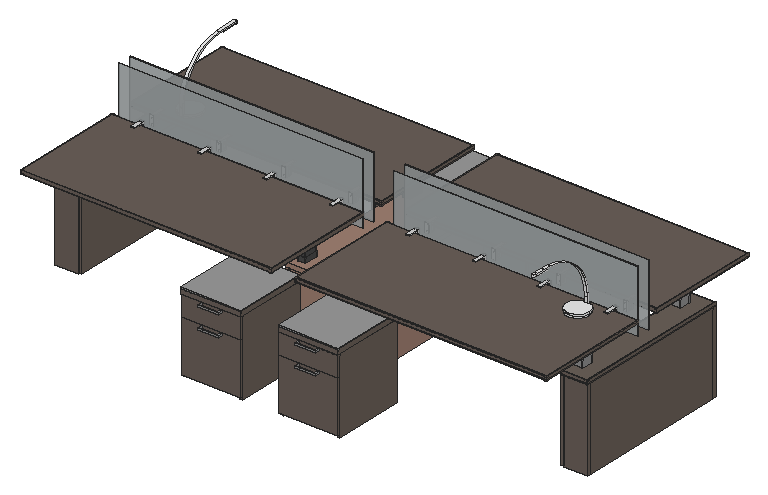
Revit family "OFS TYPICAL S200151", category Furniture, Revit 2022 (continued)
Definition of nested family "STAKS CROSS RAIL PREMIUM POWER Double Sided Three Circuit"
  Forms (in)
    Extrusion 26, solid, material <- "Duplex Receptacle Material"
      sketch origin (0, 0, -7.21633) x (-1, 0, 0) y (0, 0, -1)
        loop
          line (-5.67511, -25.16461) -> (-7.10692, -25.16461)
          arc (-7.10692, -25.16461) -> (-6.95294, -26.10211) -> (-7.10692, -27.03961) r 2.93108
          line (-7.10692, -27.03961) -> (-5.67511, -27.03961)
      from -0.21875 to 0.21875
    Extrusion 27, solid, material <- "Metal Conduit Material"
      sketch origin (0, 0, -7.21633) x (0, 1, 0) y (0, 0, 1)
        loop
          spline (0, 25.62489) -> (0.05662, 25.64115) -> (0.10938, 25.68882) -> (0.15468, 25.76466) -> (0.18944, 25.8635) -> (0.2113, 25.97859) -> (0.21875, 26.10211) -> (0.2113, 26.22562) -> (0.18944, 26.34072) -> (0.15468, 26.43955) -> (0.10938, 26.51539) -> (0.05662, 26.56307) -> (0, 26.57933)
          spline (0, 26.57933) -> (-0.05662, 26.56307) -> (-0.10937, 26.51539) -> (-0.15468, 26.43955) -> (-0.18944, 26.34072) -> (-0.2113, 26.22562) -> (-0.21875, 26.10211) -> (-0.2113, 25.97859) -> (-0.18944, 25.8635) -> (-0.15468, 25.76466) -> (-0.10937, 25.68882) -> (-0.05662, 25.64115) -> (0, 25.62489)
      from -4.74522 to 4.74522
    Extrusion 28, solid, material <- "Bracket Material"
      sketch origin (-50.50488, -2.60899, -4) x (-1, 0, 0) y (0, -1, 0)
        loop
          line (-41.45406, -1.76899) -> (-41.56407, -1.76899)
          arc (-41.56407, -1.76899) -> (-41.69842, -1.82464) -> (-41.75407, -1.95899) r 0.19
          line (-41.75407, -1.95899) -> (-41.75407, -3.25899)
          arc (-41.75407, -3.25899) -> (-41.69842, -3.39334) -> (-41.56407, -3.44899) r 0.19
          line (-41.56407, -3.44899) -> (-41.45406, -3.44899) -> (-41.45406, -1.76899)
      from 23.79535 to 23.89535
    Extrusion 29, solid, material <- "Bracket Material"
      sketch origin (3.51075, -2.60899, -4) x (1, 0, 0) y (0, 1, 0)
        loop
          line (-15.45406, 1.76899) -> (-15.45406, 3.44899) -> (-15.56407, 3.44899)
          arc (-15.56407, 3.44899) -> (-15.69842, 3.39334) -> (-15.75407, 3.25899) r 0.19
          line (-15.75407, 3.25899) -> (-15.75407, 1.95899)
          arc (-15.75407, 1.95899) -> (-15.69842, 1.82464) -> (-15.56407, 1.76899) r 0.19
          line (-15.56407, 1.76899) -> (-15.45406, 1.76899)
      from 23.79535 to 23.89535
    Extrusion 30, void
      sketch origin (-50.49707, 0.175, -4) x (-1, 0, 0) y (0, -1, 0)
        loop
          line (-40.53389, 0) -> (-39.4687, 0)
          arc (-39.4687, 0) -> (-39.38031, 0.03661) -> (-39.3437, 0.125) r 0.125
          line (-39.3437, 0.125) -> (-39.3437, 0.82853) -> (-40.65889, 0.82853) -> (-40.65889, 0.125)
          arc (-40.65889, 0.125) -> (-40.62228, 0.03661) -> (-40.53389, 0) r 0.125
      from 24.43427 to 24.79317
    Extrusion 31, solid, material <- "Bracket Material"
      sketch origin (39.50552, 0, -4) x (0, 1, 0) y (0, 0, -1)
        loop
          line (0.05, -24.13481) -> (-0.05, -24.13481) -> (-0.05, -24.44535)
          arc (-0.05, -24.44535) -> (0.0159, -24.60445) -> (0.175, -24.67035) r 0.225
          line (0.175, -24.67035) -> (0.175, -24.57035)
          arc (0.175, -24.57035) -> (0.08661, -24.53374) -> (0.05, -24.44535) r 0.125
          line (0.05, -24.44535) -> (0.05, -24.13481)
      from 49.4687 to 50.53389
    Extrusion 32, solid, material <- "Bracket Material"
      sketch origin (50.50488, -2.60899, -4) x (1, 0, 0) y (0, 1, 0)
        loop
          line (-41.45406, 1.76899) -> (-41.45406, 3.44899) -> (-41.56407, 3.44899)
          arc (-41.56407, 3.44899) -> (-41.69842, 3.39334) -> (-41.75407, 3.25899) r 0.19
          line (-41.75407, 3.25899) -> (-41.75407, 1.95899)
          arc (-41.75407, 1.95899) -> (-41.69842, 1.82464) -> (-41.56407, 1.76899) r 0.19
          line (-41.56407, 1.76899) -> (-41.45406, 1.76899)
      from 23.79535 to 23.89535
    Extrusion 33, solid, material <- "Bracket Material"
      sketch origin (-3.51075, -2.60899, -4) x (-1, 0, 0) y (0, -1, 0)
        loop
          line (-15.45406, -1.76899) -> (-15.56407, -1.76899)
          arc (-15.56407, -1.76899) -> (-15.69842, -1.82464) -> (-15.75407, -1.95899) r 0.19
          line (-15.75407, -1.95899) -> (-15.75407, -3.25899)
          arc (-15.75407, -3.25899) -> (-15.69842, -3.39334) -> (-15.56407, -3.44899) r 0.19
          line (-15.56407, -3.44899) -> (-15.45406, -3.44899) -> (-15.45406, -1.76899)
      from 23.79535 to 23.89535
    Extrusion 34, void
      sketch origin (50.49707, 0.175, -4) x (1, 0, 0) y (0, 1, 0)
        loop
          arc (-40.53389, 0) -> (-40.62228, -0.03661) -> (-40.65889, -0.125) r 0.125
          line (-40.65889, -0.125) -> (-40.65889, -0.82853) -> (-39.3437, -0.82853) -> (-39.3437, -0.125)
          arc (-39.3437, -0.125) -> (-39.38031, -0.03661) -> (-39.4687, 0) r 0.125
          line (-39.4687, 0) -> (-40.53389, 0)
      from 24.43427 to 24.79317
    Extrusion 35, solid, material <- "Bracket Material"
      sketch origin (-39.50552, 0, -4) x (0, 1, 0) y (0, 0, 1)
        loop
          line (0.05, 24.13481) -> (0.05, 24.44535)
          arc (0.05, 24.44535) -> (0.08661, 24.53374) -> (0.175, 24.57035) r 0.125
          line (0.175, 24.57035) -> (0.175, 24.67035)
          arc (0.175, 24.67035) -> (0.0159, 24.60445) -> (-0.05, 24.44535) r 0.225
          line (-0.05, 24.44535) -> (-0.05, 24.13481) -> (0.05, 24.13481)
      from 49.4687 to 50.53389
    Extrusion 36, solid, material <- "Surface Material"
      sketch origin (0, 0, 0) x (1, 0, 0) y (0, 1, 0)
        loop
          line (-21.08661, 3) -> (-21.08661, -3) -> (21.08661, -3) -> (21.08661, 3) -> (-21.08661, 3)
      from 21.75 to 22.5
    Extrusion 37, solid, material <- "Bracket Material"
      sketch origin (0, 0, 0) x (0, 1, 0) y (0, 0, 1)
        loop
          line (0.79792, 20.75) -> (0.67292, 20.75) -> (0.67292, 18.36398) -> (-0.67292, 18.36398) -> (-0.67292, 20.75) -> (-0.79792, 20.75) -> (-0.79792, 18.23898) -> (0.79792, 18.23898) -> (0.79792, 20.75)
      from -0.5 to 0.5
    Extrusion 38, solid, material <- "Surface Material"
      sketch origin (0, 0, 0) x (0, 1, 0) y (0, 0, 1)
        loop
          line (2, 20.75) -> (2, 21.67035) -> (1.75, 21.67035) -> (1.75, 21.75) -> (-1.75, 21.75) -> (-1.75, 21.67035) -> (-2, 21.67035) -> (-2, 20.75) -> (2, 20.75)
      from -24 to 24
    Extrusion 39, solid, material <- "Power Block Casing Material"
      sketch origin (0, 0, -4.92035) x (0, 1, 0) y (0, 0, 1)
        loop
          arc (1, 25.61295) -> (0.93823, 25.67472) -> (0.87646, 25.61295) r 0.06177
          line (0.87646, 25.61295) -> (0.87646, 25.28492) -> (0.9402, 25.28492) -> (0.9402, 22.49327) -> (0.87646, 22.49327) -> (0.87646, 22.16134)
          arc (0.87646, 22.16134) -> (0.93823, 22.09957) -> (1, 22.16134) r 0.06177
          line (1, 22.16134) -> (1, 25.61295)
        loop
          line (-1, 25.59342) -> (-1, 22.16134)
          arc (-1, 22.16134) -> (-0.93823, 22.09957) -> (-0.87646, 22.16134) r 0.06177
          line (-0.87646, 22.16134) -> (-0.87646, 22.49327) -> (-0.9402, 22.49327) -> (-0.9402, 25.28492) -> (-0.87646, 25.28492) -> (-0.87646, 25.59342)
          arc (-0.87646, 25.59342) -> (-0.93823, 25.65518) -> (-1, 25.59342) r 0.06177
      from -18.08898 to 18.08898
    Extrusion 40, void
      sketch origin (0, 0, 0) x (1, 0, 0) y (0, 0, 1)
        loop
          arc (-11.99767, 19.66716) -> (-12.08606, 19.63055) -> (-12.12267, 19.54216) r 0.125
          line (-12.12267, 19.54216) -> (-12.12267, 18.2311)
          arc (-12.12267, 18.2311) -> (-12.08606, 18.14271) -> (-11.99767, 18.1061) r 0.125
          line (-11.99767, 18.1061) -> (-8.99767, 18.1061)
          arc (-8.99767, 18.1061) -> (-8.90929, 18.14271) -> (-8.87267, 18.2311) r 0.125
          line (-8.87267, 18.2311) -> (-8.87267, 19.54216)
          arc (-8.87267, 19.54216) -> (-8.90929, 19.63055) -> (-8.99767, 19.66716) r 0.125
          line (-8.99767, 19.66716) -> (-11.99767, 19.66716)
      from -2 to 2
    Extrusion 41, void
      sketch origin (0, 0, 0) x (-1, 0, 0) y (0, 0, -1)
        loop
          line (-11.99767, -19.66716) -> (-8.99767, -19.66716)
          arc (-8.99767, -19.66716) -> (-8.90929, -19.63055) -> (-8.87267, -19.54216) r 0.125
          line (-8.87267, -19.54216) -> (-8.87267, -18.2311)
          arc (-8.87267, -18.2311) -> (-8.90929, -18.14271) -> (-8.99767, -18.1061) r 0.125
          line (-8.99767, -18.1061) -> (-11.99767, -18.1061)
          arc (-11.99767, -18.1061) -> (-12.08606, -18.14271) -> (-12.12267, -18.2311) r 0.125
          line (-12.12267, -18.2311) -> (-12.12267, -19.54216)
          arc (-12.12267, -19.54216) -> (-12.08606, -19.63055) -> (-11.99767, -19.66716) r 0.125
      from -2 to 2
  Cuts and joins
    joined: Extrusion 10, Extrusion 11, Extrusion 12, Extrusion 13, Extrusion 14, Extrusion 15, Extrusion 16, Extrusion 17
    joined: Extrusion 1, Extrusion 2, Extrusion 3, Extrusion 4, Extrusion 5, Extrusion 7, Extrusion 8
    Extrusion 34 cuts Extrusion 18
    joined: Extrusion 18, Extrusion 32, Extrusion 33, Extrusion 35
    Extrusion 30 cuts Extrusion 9
    joined: Extrusion 9, Extrusion 28, Extrusion 29, Extrusion 31
    Extrusion 40, Extrusion 41 cuts Extrusion 39
  Dimensions and locks (in)
    locked: plane 16 to plane 17 at 21
    plane 16 to plane 20 to plane 18 to plane 6 to plane 10 to plane 7 to plane 8 to plane 9 to plane 21 to plane 14 to plane 13 to plane 12 to plane 15 to plane 11 to plane 22 to plane 23 to plane 17 = 2.91339", 1", 0.58515", 1.41249", 1.05509", 1.06519", 1.05768", 1.41249", 1.41249", 1.05768", 1.06519", 1.05509", 1.41249", 0.58515", 1", 2.91045"
    locked: plane 34 to plane 35 at 21
    plane 34 to plane 37 to plane 36 to plane 24 to plane 28 to plane 25 to plane 26 to plane 27 to plane 38 to plane 32 to plane 31 to plane 30 to plane 33 to plane 29 to plane 39 to plane 40 to plane 35 = 2.91339", 1", 0.58515", 1.41249", 1.05509", 1.06519", 1.05768", 1.41249", 1.41249", 1.05768", 1.06519", 1.05509", 1.41249", 0.58515", 1", 2.91045"
    equal spacing: plane 42, plane 3 "Center (Left/Right)", plane 41
    plane 42 to plane 44 to plane 45 to plane 46 to plane 47 = 3/4" locked, 0.54262" locked, 1.12844" locked, 1.07932" locked
    plane 50 to plane 49 to plane 48 to plane 43 to plane 41 = 1.07932" locked, 1.12844" locked, 0.54262" locked, 3/4" locked
    equal spacing: plane 16, plane 3 "Center (Left/Right)", plane 34
    "Width": plane 16 to plane 34
    equal spacing: plane 52, plane 1 "Center (Front/Back)", plane 51
    "Depth": plane 51 to plane 52
    plane 55 to level = 22 1/2"
    locked: plane 55 to plane 56 at 0.75
    locked: plane 56 to plane 57 at 1
    plane 57 to plane 19 = 3.40043"
    plane 59 to plane 3 "Center (Left/Right)" to plane 58 = 1/2" locked, 1/2" locked
    aligned and locked: level to plane 2
    aligned and locked: plane 12 to Extrusion 3
    aligned and locked: Extrusion 3 to plane 13
    aligned and locked: plane 11 to Extrusion 6
    aligned and locked: plane 21 to Extrusion 7
    aligned and locked: plane 30 to Extrusion 12
    aligned and locked: Extrusion 12 to plane 31
    aligned and locked: Extrusion 15 to plane 29
    aligned and locked: Extrusion 16 to plane 38
    aligned and locked: plane 47 to Extrusion 27
    aligned and locked: Extrusion 27 to plane 50
    aligned and locked: plane 11 to plane 44
    aligned and locked: plane 13 to cut or joined group of Extrusion 9, Extrusion 28, Extrusion 29, Extrusion 30, Extrusion 31
    aligned and locked: cut or joined group of Extrusion 9, Extrusion 28, Extrusion 29, Extrusion 30, Extrusion 31 to plane 12
    aligned and locked: cut or joined group of Extrusion 18, Extrusion 32, Extrusion 33, Extrusion 34, Extrusion 35 to plane 31
    aligned and locked: plane 30 to cut or joined group of Extrusion 18, Extrusion 32, Extrusion 33, Extrusion 34, Extrusion 35
    aligned and locked: plane 51 to Extrusion 36
    aligned and locked: Extrusion 36 to plane 20
    aligned and locked: plane 52 to Extrusion 36
    aligned and locked: Extrusion 36 to plane 37
    aligned and locked: Extrusion 36 to plane 56
    aligned and locked: plane 55 to Extrusion 36
    aligned and locked: Extrusion 38 sketch curve to plane 56
    aligned and locked: plane 54 to Extrusion 38 sketch curve
    aligned and locked: plane 53 to Extrusion 38 sketch curve
    aligned and locked: Extrusion 38 sketch curve to plane 4  (x2)
    aligned and locked: Extrusion 38 sketch curve to plane 57
    aligned and locked: plane 16 to Extrusion 38
    aligned and locked: Extrusion 38 to plane 34
    aligned and locked: plane 58 to Extrusion 37
    aligned and locked: plane 59 to Extrusion 37
    aligned and locked: plane 10 to Extrusion 39
    aligned and locked: Extrusion 39 to plane 28
  Automatic sketch dimensions
    Extrusion 1 sketch curve to Extrusion 1 sketch curve = 0"  (x16)
    plane 15 to Extrusion 1 sketch curve = 0"
    plane 14 to Extrusion 1 sketch curve = 0"
    Extrusion 1 sketch curve to plane 57 = 1.13977"
    Extrusion 1 sketch curve to Extrusion 1 sketch curve = 1/16"  (x3)
    Extrusion 1 sketch curve to plane 15 = 0.1961"  (x2)
    Extrusion 1 sketch curve to Extrusion 1 sketch curve = 9/64"  (x4)
    plane 14 to Extrusion 1 sketch curve = 0.39922"  (x2)
    plane 14 to Extrusion 1 sketch curve = 1/16"
    Extrusion 1 sketch curve to Extrusion 1 sketch curve = 1/8"  (x2)
    Extrusion 1 sketch curve to Extrusion 1 sketch curve = 0.00885"  (x2)
    Extrusion 1 sketch curve to Extrusion 1 sketch curve = 0.00024"  (x4)
    Extrusion 1 sketch curve to Extrusion 1 sketch curve = 1/64"  (x4)
    Extrusion 1 sketch curve to Extrusion 1 sketch curve = 0.00654"  (x2)
    Extrusion 1 sketch curve to Extrusion 1 sketch curve = 0.01744"  (x2)
    Extrusion 1 sketch curve to Extrusion 1 sketch curve = 0.0926"  (x2)
    Extrusion 1 sketch curve to Extrusion 1 sketch curve = 0.01543"  (x4)
    Extrusion 1 sketch curve to Extrusion 1 sketch curve = 0.48289"  (x2)
    Extrusion 1 sketch curve to Extrusion 1 sketch curve = 0.10803"
    plane 13 to Extrusion 2 sketch curve = 0.5313"
    plane 19 to Extrusion 2 sketch curve = 1.53619"
    Extrusion 3 sketch curve to plane 1 "Center (Front/Back)" = 0"  (x2)
    Extrusion 3 sketch curve to plane 1 "Center (Front/Back)" = 0.1644"
    Extrusion 3 sketch curve to plane 57 = 0.46025"
    plane 1 "Center (Front/Back)" to Extrusion 3 sketch curve = 0.10561"
    Extrusion 3 sketch curve to Extrusion 3 sketch curve = 0.05878"
    plane 1 "Center (Front/Back)" to Extrusion 3 sketch curve = 0.56603"
    Extrusion 3 sketch curve to Extrusion 3 sketch curve = 0.02458"  (x2)
    Extrusion 3 sketch curve to Extrusion 3 sketch curve = 0.02775"  (x2)
    Extrusion 3 sketch curve to Extrusion 3 sketch curve = 0.02814"  (x2)
    Extrusion 3 sketch curve to plane 1 "Center (Front/Back)" = 0.10561"
    Extrusion 3 sketch curve to plane 1 "Center (Front/Back)" = 0.56603"
    Extrusion 3 sketch curve to Extrusion 3 sketch curve = 0.00529"
    Extrusion 3 sketch curve to Extrusion 3 sketch curve = 0.02224"  (x2)
    Extrusion 3 sketch curve to Extrusion 3 sketch curve = 0.02753"
    Extrusion 3 sketch curve to Extrusion 3 sketch curve = 0"
    Extrusion 3 sketch curve to Extrusion 3 sketch curve = 0.09356"  (x2)
    Extrusion 3 sketch curve to Extrusion 3 sketch curve = 0.26625"  (x2)
    Extrusion 3 sketch curve to Extrusion 3 sketch curve = 0.02752"  (x2)
    Extrusion 3 sketch curve to Extrusion 3 sketch curve = 0.17531"  (x2)
    Extrusion 3 sketch curve to Extrusion 3 sketch curve = 0.40998"
    Extrusion 3 sketch curve to Extrusion 3 sketch curve = 0.12078"  (x2)
    Extrusion 3 sketch curve to Extrusion 3 sketch curve = 0.096"
    Extrusion 4 sketch curve to plane 42 = 0.29039"
    Extrusion 4 sketch curve to plane 57 = 0.70235"
    Extrusion 4 sketch curve to Extrusion 4 sketch curve = 0.03538"
    Extrusion 4 sketch curve to Extrusion 4 sketch curve = 0.05701"
    Extrusion 4 sketch curve to Extrusion 4 sketch curve = 0.0537"
    Extrusion 4 sketch curve to Extrusion 4 sketch curve = 0.0963"
    Extrusion 4 sketch curve to plane 15 = 0.11622"
    Extrusion 4 sketch curve to plane 15 = 0.25829"
    Extrusion 4 sketch curve to Extrusion 4 sketch curve = 0.04427"
    Extrusion 4 sketch curve to Extrusion 4 sketch curve = 0.12931"
    Extrusion 4 sketch curve to Extrusion 4 sketch curve = 0.14662"
    Extrusion 4 sketch curve to Extrusion 4 sketch curve = 0.06164"
    Extrusion 4 sketch curve to Extrusion 4 sketch curve = 0.10456"
    Extrusion 5 sketch curve to plane 14 = 0.36951"
    Extrusion 5 sketch curve to plane 14 = 0.33413"
    Extrusion 5 sketch curve to plane 57 = 1.08284"
    Extrusion 5 sketch curve to Extrusion 5 sketch curve = 0.05701"
    Extrusion 5 sketch curve to Extrusion 5 sketch curve = 0.0537"
    Extrusion 5 sketch curve to Extrusion 5 sketch curve = 0.0963"
    plane 14 to Extrusion 5 sketch curve = 0.11881"
    plane 14 to Extrusion 5 sketch curve = 0.26088"
    Extrusion 5 sketch curve to Extrusion 5 sketch curve = 0.04291"
    Extrusion 5 sketch curve to Extrusion 5 sketch curve = 0.06852"
    Extrusion 5 sketch curve to Extrusion 5 sketch curve = 0.14662"
    Extrusion 5 sketch curve to Extrusion 5 sketch curve = 0.08504"
    Extrusion 5 sketch curve to Extrusion 5 sketch curve = 0.04427"
    plane 11 to Extrusion 6 sketch curve = 0"
    Extrusion 6 sketch curve to plane 57 = 0.8533"
    Extrusion 6 sketch curve to Extrusion 6 sketch curve = 0.37191"  (x2)
    plane 42 to Extrusion 6 sketch curve = 0.208"
    Extrusion 6 sketch curve to Extrusion 6 sketch curve = 1.01094"
    plane 19 to Extrusion 6 sketch curve = 0.52525"
    plane 21 to Extrusion 7 sketch curve = 0"
    plane 19 to Extrusion 7 sketch curve = 0.52525"
    Extrusion 7 sketch curve to plane 21 = 0.37191"  (x2)
    Extrusion 7 sketch curve to plane 21 = 0.542"
    Extrusion 7 sketch curve to Extrusion 7 sketch curve = 1.01094"
    Extrusion 7 sketch curve to plane 57 = 0.8533"
    plane 11 to Extrusion 8 sketch curve = 0"
    plane 21 to Extrusion 8 sketch curve = 0"
    Extrusion 8 sketch curve to plane 42 = 0.3051"
    Extrusion 8 sketch curve to plane 57 = 0.96424"
    Extrusion 8 sketch curve to plane 42 = 0.19353"
    Extrusion 8 sketch curve to plane 42 = 0.21308"
    Extrusion 8 sketch curve to plane 42 = 0.30563"
    Extrusion 8 sketch curve to plane 14 = 0.35686"
    Extrusion 8 sketch curve to plane 14 = 0.35739"
    Extrusion 8 sketch curve to Extrusion 8 sketch curve = 0.09255"
    Extrusion 8 sketch curve to Extrusion 8 sketch curve = 0.11157"
    Extrusion 8 sketch curve to Extrusion 8 sketch curve = 0.35781"  (x2)
    plane 19 to Extrusion 8 sketch curve = 0.99403"  (x2)
    Extrusion 8 sketch curve to Extrusion 8 sketch curve = 0.41292"
    Extrusion 9 sketch curve to plane 14 = 0.1445"
    plane 14 to Extrusion 9 sketch curve = 0.22401"
    Extrusion 9 sketch curve to plane 57 = 0.95465"
    plane 14 to Extrusion 9 sketch curve = 0.24355"
    Extrusion 9 sketch curve to Extrusion 9 sketch curve = 0.10014"  (x2)
    Extrusion 9 sketch curve to plane 57 = 0.07965"
    Extrusion 9 sketch curve to Extrusion 9 sketch curve = 0.0228"  (x2)
    Extrusion 9 sketch curve to plane 15 = 0.37235"
    Extrusion 9 sketch curve to Extrusion 9 sketch curve = 5/256"
    plane 15 to Extrusion 9 sketch curve = 0.13863"
    Extrusion 9 sketch curve to Extrusion 9 sketch curve = 0.75206"
    Extrusion 9 sketch curve to Extrusion 9 sketch curve = 0.1"
    Extrusion 9 sketch curve to Extrusion 9 sketch curve = 0.01968"
    Extrusion 9 sketch curve to Extrusion 9 sketch curve = 0.02294"
    Extrusion 10 sketch curve to Extrusion 10 sketch curve = 0"  (x16)
    plane 33 to Extrusion 10 sketch curve = 0"
    plane 32 to Extrusion 10 sketch curve = 0"
    plane 19 to Extrusion 10 sketch curve = 0.81172"
    Extrusion 10 sketch curve to plane 33 = 1/16"
    Extrusion 10 sketch curve to plane 33 = 0.1961"  (x2)
    Extrusion 10 sketch curve to Extrusion 10 sketch curve = 1/16"  (x3)
    Extrusion 10 sketch curve to Extrusion 10 sketch curve = 9/64"  (x4)
    plane 32 to Extrusion 10 sketch curve = 0.39922"  (x2)
    Extrusion 10 sketch curve to Extrusion 10 sketch curve = 1/8"  (x4)
    Extrusion 10 sketch curve to Extrusion 10 sketch curve = 0.00885"  (x2)
    Extrusion 10 sketch curve to Extrusion 10 sketch curve = 0.00024"  (x4)
    Extrusion 10 sketch curve to Extrusion 10 sketch curve = 1/64"  (x4)
    Extrusion 10 sketch curve to Extrusion 10 sketch curve = 0.00654"  (x2)
    Extrusion 10 sketch curve to Extrusion 10 sketch curve = 0.0926"  (x3)
    Extrusion 10 sketch curve to Extrusion 10 sketch curve = 0.01543"  (x4)
    Extrusion 10 sketch curve to Extrusion 10 sketch curve = 0.48289"  (x2)
    plane 31 to Extrusion 11 sketch curve = 0.5313"
    plane 19 to Extrusion 11 sketch curve = 1.53619"
    Extrusion 12 sketch curve to plane 1 "Center (Front/Back)" = 0"  (x2)
    Extrusion 12 sketch curve to plane 57 = 1.05979"
    plane 1 "Center (Front/Back)" to Extrusion 12 sketch curve = 0.10561"
    Extrusion 12 sketch curve to Extrusion 12 sketch curve = 0.05878"  (x2)
    plane 1 "Center (Front/Back)" to Extrusion 12 sketch curve = 0.56603"
    Extrusion 12 sketch curve to Extrusion 12 sketch curve = 0.02458"  (x2)
    Extrusion 12 sketch curve to Extrusion 12 sketch curve = 0.02775"  (x2)
    Extrusion 12 sketch curve to Extrusion 12 sketch curve = 0.02814"  (x2)
    Extrusion 12 sketch curve to plane 1 "Center (Front/Back)" = 0.10561"
    Extrusion 12 sketch curve to plane 1 "Center (Front/Back)" = 0.56603"
    Extrusion 12 sketch curve to Extrusion 12 sketch curve = 0.00529"
    Extrusion 12 sketch curve to Extrusion 12 sketch curve = 0.02224"  (x2)
    Extrusion 12 sketch curve to Extrusion 12 sketch curve = 0.02753"
    Extrusion 12 sketch curve to Extrusion 12 sketch curve = 0.00969"  (x2)
    Extrusion 12 sketch curve to Extrusion 12 sketch curve = 0.096"
    Extrusion 12 sketch curve to Extrusion 12 sketch curve = 0.12078"  (x2)
    Extrusion 12 sketch curve to Extrusion 12 sketch curve = 0.17531"  (x2)
    Extrusion 12 sketch curve to Extrusion 12 sketch curve = 0.02752"  (x2)
    Extrusion 12 sketch curve to Extrusion 12 sketch curve = 0.40998"
    Extrusion 12 sketch curve to Extrusion 12 sketch curve = 0"
    Extrusion 12 sketch curve to Extrusion 12 sketch curve = 0.09356"  (x2)
    Extrusion 13 sketch curve to plane 41 = 0.29039"
    Extrusion 13 sketch curve to plane 41 = 0.32576"
    Extrusion 13 sketch curve to plane 57 = 1.08284"
    Extrusion 13 sketch curve to Extrusion 13 sketch curve = 0.05701"
    Extrusion 13 sketch curve to Extrusion 13 sketch curve = 0.0537"
    Extrusion 13 sketch curve to Extrusion 13 sketch curve = 0.0963"
    Extrusion 13 sketch curve to plane 33 = 0.11622"
    Extrusion 13 sketch curve to plane 33 = 0.25829"
    Extrusion 13 sketch curve to Extrusion 13 sketch curve = 0.04291"
    Extrusion 13 sketch curve to Extrusion 13 sketch curve = 0.06852"
    Extrusion 13 sketch curve to Extrusion 13 sketch curve = 0.14662"
    Extrusion 13 sketch curve to Extrusion 13 sketch curve = 0.08504"
    Extrusion 13 sketch curve to Extrusion 13 sketch curve = 0.04427"
    Extrusion 14 sketch curve to plane 32 = 0.36951"
    Extrusion 14 sketch curve to plane 57 = 0.70235"
    Extrusion 14 sketch curve to Extrusion 14 sketch curve = 0.03538"
    Extrusion 14 sketch curve to Extrusion 14 sketch curve = 0.05701"
    Extrusion 14 sketch curve to Extrusion 14 sketch curve = 0.0537"
    Extrusion 14 sketch curve to Extrusion 14 sketch curve = 0.0963"
    plane 32 to Extrusion 14 sketch curve = 0.11881"
    plane 32 to Extrusion 14 sketch curve = 0.26088"
    Extrusion 14 sketch curve to Extrusion 14 sketch curve = 0.04427"
    Extrusion 14 sketch curve to Extrusion 14 sketch curve = 0.12931"
    Extrusion 14 sketch curve to Extrusion 14 sketch curve = 0.14662"
    Extrusion 14 sketch curve to Extrusion 14 sketch curve = 0.06164"
    Extrusion 14 sketch curve to Extrusion 14 sketch curve = 0.10456"
    plane 29 to Extrusion 15 sketch curve = 0"
    plane 19 to Extrusion 15 sketch curve = 0.52525"
    Extrusion 15 sketch curve to plane 29 = 0.37191"  (x2)
    plane 41 to Extrusion 15 sketch curve = 0.208"
    Extrusion 15 sketch curve to Extrusion 15 sketch curve = 1.01094"
    Extrusion 15 sketch curve to plane 57 = 0.8533"
    Extrusion 16 sketch curve to plane 38 = 0"
    Extrusion 16 sketch curve to plane 57 = 0.8533"
    Extrusion 16 sketch curve to Extrusion 16 sketch curve = 0.37191"  (x2)
    Extrusion 16 sketch curve to plane 38 = 0.542"
    Extrusion 16 sketch curve to Extrusion 16 sketch curve = 1.01094"
    plane 19 to Extrusion 16 sketch curve = 0.52525"
    plane 29 to Extrusion 17 sketch curve = 0"
    Extrusion 17 sketch curve to plane 38 = 0"
    plane 19 to Extrusion 17 sketch curve = 0.58111"
    Extrusion 17 sketch curve to plane 41 = 0.19353"
    Extrusion 17 sketch curve to plane 41 = 0.21308"
    Extrusion 17 sketch curve to plane 41 = 0.3051"
    Extrusion 17 sketch curve to plane 41 = 0.30563"
    Extrusion 17 sketch curve to plane 32 = 0.35686"
    Extrusion 17 sketch curve to plane 32 = 0.35739"
    Extrusion 17 sketch curve to Extrusion 17 sketch curve = 0.09255"
    Extrusion 17 sketch curve to Extrusion 17 sketch curve = 0.11157"
    Extrusion 17 sketch curve to Extrusion 17 sketch curve = 0.41292"  (x2)
    Extrusion 17 sketch curve to Extrusion 17 sketch curve = 1.08434"  (x2)
    Extrusion 17 sketch curve to Extrusion 17 sketch curve = 0.35781"
    Extrusion 18 sketch curve to plane 32 = 0.1445"
    Extrusion 18 sketch curve to plane 57 = 0.07965"
    plane 32 to Extrusion 18 sketch curve = 0.22401"
    plane 32 to Extrusion 18 sketch curve = 0.24355"
    Extrusion 18 sketch curve to Extrusion 18 sketch curve = 0.10014"  (x2)
    Extrusion 18 sketch curve to Extrusion 18 sketch curve = 0.0228"  (x2)
    Extrusion 18 sketch curve to plane 33 = 0.37235"
    Extrusion 18 sketch curve to Extrusion 18 sketch curve = 5/256"
    plane 33 to Extrusion 18 sketch curve = 0.13863"
    Extrusion 18 sketch curve to Extrusion 18 sketch curve = 0.02294"
    Extrusion 18 sketch curve to Extrusion 18 sketch curve = 0.63238"  (x2)
    Extrusion 18 sketch curve to Extrusion 18 sketch curve = 0.01968"
    Extrusion 18 sketch curve to Extrusion 18 sketch curve = 0.1"
    plane 11 to Extrusion 19 sketch curve = 0"
    Extrusion 19 sketch curve to plane 45 = 0.17982"  (x2)
    plane 19 to Extrusion 19 sketch curve = 0.52526"
    plane 12 to Extrusion 19 sketch curve = 0.07916"
    Extrusion 19 sketch curve to plane 57 = 0.85328"
    plane 46 to Extrusion 20 sketch curve = 0.1746"
    plane 19 to Extrusion 20 sketch curve = 0.52526"
    Extrusion 20 sketch curve to Extrusion 20 sketch curve = 0"
    Extrusion 20 sketch curve to plane 47 = 0.17518"  (x2)
    Extrusion 20 sketch curve to plane 11 = 0.25423"
    plane 50 to Extrusion 20 sketch curve = 0.57452"
    Extrusion 20 sketch curve to plane 57 = 0.85328"
    plane 42 to Extrusion 21 sketch curve = 0"  (x2)
    plane 11 to Extrusion 21 sketch curve = 0"  (x7)
    plane 42 to Extrusion 21 sketch curve = 1/4"  (x2)
    plane 19 to Extrusion 21 sketch curve = 0.72371"
    Extrusion 21 sketch curve to Extrusion 21 sketch curve = 0"  (x5)
    Extrusion 21 sketch curve to Extrusion 21 sketch curve = 0.03401"  (x2)
    Extrusion 21 sketch curve to Extrusion 21 sketch curve = 1/16"  (x4)
    Extrusion 21 sketch curve to Extrusion 21 sketch curve = 1/8"  (x2)
    Extrusion 21 sketch curve to Extrusion 21 sketch curve = 3/16"  (x5)
    Extrusion 21 sketch curve to Extrusion 21 sketch curve = 3/64"  (x4)
    Extrusion 22 sketch curve to plane 45 = 0.15394"
    plane 19 to Extrusion 22 sketch curve = 0.59871"
    plane 11 to Extrusion 22 sketch curve = 0.38868"
    plane 46 to Extrusion 22 sketch curve = 0.14943"  (x2)
    plane 12 to Extrusion 22 sketch curve = 0.07916"
    plane 50 to Extrusion 22 sketch curve = 0.57452"
    Extrusion 22 sketch curve to plane 57 = 0.92672"
    plane 29 to Extrusion 23 sketch curve = 0"
    plane 48 to Extrusion 23 sketch curve = 0.17982"  (x2)
    Extrusion 23 sketch curve to plane 19 = 0.52526"
    Extrusion 23 sketch curve to plane 30 = 0.07916"
    plane 57 to Extrusion 23 sketch curve = 0.85328"
    Extrusion 24 sketch curve to plane 49 = 0.1746"
    Extrusion 24 sketch curve to plane 19 = 0.52526"
    Extrusion 24 sketch curve to Extrusion 24 sketch curve = 0"
    plane 50 to Extrusion 24 sketch curve = 0.17518"  (x2)
    plane 29 to Extrusion 24 sketch curve = 0.25423"
    Extrusion 24 sketch curve to plane 47 = 0.57452"
    plane 57 to Extrusion 24 sketch curve = 0.85328"
    plane 41 to Extrusion 25 sketch curve = 0"  (x2)
    plane 29 to Extrusion 25 sketch curve = 0"  (x7)
    Extrusion 25 sketch curve to plane 41 = 1/4"  (x2)
    Extrusion 25 sketch curve to plane 19 = 0.72371"
    Extrusion 25 sketch curve to Extrusion 25 sketch curve = 0"  (x5)
    Extrusion 25 sketch curve to Extrusion 25 sketch curve = 0.03401"  (x2)
    Extrusion 25 sketch curve to Extrusion 25 sketch curve = 1/16"  (x4)
    Extrusion 25 sketch curve to Extrusion 25 sketch curve = 1/8"  (x2)
    Extrusion 25 sketch curve to Extrusion 25 sketch curve = 3/16"  (x5)
    Extrusion 25 sketch curve to Extrusion 25 sketch curve = 3/64"  (x4)
    plane 48 to Extrusion 26 sketch curve = 0.15394"
    Extrusion 26 sketch curve to plane 19 = 0.59871"
    Extrusion 26 sketch curve to plane 29 = 0.38868"
    Extrusion 26 sketch curve to plane 49 = 0.14943"  (x2)
    Extrusion 26 sketch curve to plane 30 = 0.07916"
    Extrusion 26 sketch curve to plane 47 = 0.57452"
    plane 57 to Extrusion 26 sketch curve = 0.92672"
    Extrusion 27 sketch curve to plane 1 "Center (Front/Back)" = 0"
    plane 19 to Extrusion 27 sketch curve = 1.05899"
    Extrusion 27 sketch curve to Extrusion 27 sketch curve = 0.47722"
    plane 15 to Extrusion 28 sketch curve = 0.15728"
    Extrusion 28 sketch curve to plane 15 = 0.14273"
    Extrusion 28 sketch curve to plane 1 "Center (Front/Back)" = 0.84"
    Extrusion 28 sketch curve to plane 15 = 0.03272"  (x2)
    plane 1 "Center (Front/Back)" to Extrusion 28 sketch curve = 0.65"
    Extrusion 29 sketch curve to plane 14 = 0.15728"
    plane 14 to Extrusion 29 sketch curve = 0.14273"
    plane 1 "Center (Front/Back)" to Extrusion 29 sketch curve = 0.84"
    plane 14 to Extrusion 29 sketch curve = 0.03272"  (x2)
    Extrusion 29 sketch curve to plane 1 "Center (Front/Back)" = 0.65"
    Extrusion 30 sketch curve to plane 12 = 0"
    Extrusion 30 sketch curve to plane 13 = 0"
    Extrusion 30 sketch curve to plane 1 "Center (Front/Back)" = 0.175"
    plane 12 to Extrusion 30 sketch curve = 1/8"
    Extrusion 30 sketch curve to plane 13 = 1/8"
    plane 1 "Center (Front/Back)" to Extrusion 30 sketch curve = 0.65353"
    Extrusion 31 sketch curve to Extrusion 31 sketch curve = 0"  (x2)
    plane 1 "Center (Front/Back)" to Extrusion 31 sketch curve = 0.05"
    Extrusion 31 sketch curve to plane 57 = 0.07965"
    Extrusion 31 sketch curve to plane 1 "Center (Front/Back)" = 0.05"
    Extrusion 31 sketch curve to plane 1 "Center (Front/Back)" = 0.175"
    Extrusion 31 sketch curve to Extrusion 31 sketch curve = 0.31054"
    plane 33 to Extrusion 32 sketch curve = 0.15728"
    Extrusion 32 sketch curve to plane 33 = 0.14273"
    plane 1 "Center (Front/Back)" to Extrusion 32 sketch curve = 0.84"
    Extrusion 32 sketch curve to plane 33 = 0.03272"  (x2)
    Extrusion 32 sketch curve to plane 1 "Center (Front/Back)" = 0.65"
    Extrusion 33 sketch curve to plane 32 = 0.15728"
    plane 32 to Extrusion 33 sketch curve = 0.14273"
    Extrusion 33 sketch curve to plane 1 "Center (Front/Back)" = 0.84"
    plane 32 to Extrusion 33 sketch curve = 0.03272"  (x2)
    plane 1 "Center (Front/Back)" to Extrusion 33 sketch curve = 0.65"
    Extrusion 34 sketch curve to plane 30 = 0"
    Extrusion 34 sketch curve to plane 31 = 0"
    Extrusion 34 sketch curve to plane 31 = 1/8"
    plane 1 "Center (Front/Back)" to Extrusion 34 sketch curve = 0.65353"
    plane 30 to Extrusion 34 sketch curve = 1/8"
    Extrusion 34 sketch curve to plane 1 "Center (Front/Back)" = 0.05"
    Extrusion 35 sketch curve to Extrusion 35 sketch curve = 0"  (x2)
    plane 1 "Center (Front/Back)" to Extrusion 35 sketch curve = 0.05"
    Extrusion 35 sketch curve to plane 57 = 0.61519"
    Extrusion 35 sketch curve to plane 1 "Center (Front/Back)" = 0.05"
    Extrusion 35 sketch curve to plane 1 "Center (Front/Back)" = 0.175"
    Extrusion 35 sketch curve to plane 57 = 0.30465"
    Extrusion 36 sketch curve to plane 20 = 0"
    Extrusion 36 sketch curve to plane 37 = 0"
    plane 52 to Extrusion 36 sketch curve = 0"
    Extrusion 36 sketch curve to plane 51 = 0"
    Extrusion 37 sketch curve to plane 57 = 0"  (x2)
    plane 1 "Center (Front/Back)" to Extrusion 37 sketch curve = 0.79792"
    plane 19 to Extrusion 37 sketch curve = 0.88941"
    Extrusion 37 sketch curve to Extrusion 37 sketch curve = 1/8"  (x3)
    Extrusion 37 sketch curve to plane 1 "Center (Front/Back)" = 0.67292"
    Extrusion 38 sketch curve to plane 54 = 1/4"
    Extrusion 38 sketch curve to plane 53 = 1/4"
    Extrusion 39 sketch curve to plane 19 = 0.10858"  (x2)
    Extrusion 39 sketch curve to plane 54 = 1"
    Extrusion 39 sketch curve to Extrusion 39 sketch curve = 0.0598"
    Extrusion 39 sketch curve to Extrusion 39 sketch curve = 0.12354"  (x3)
    plane 19 to Extrusion 39 sketch curve = 0.22335"  (x2)
    Extrusion 39 sketch curve to plane 1 "Center (Front/Back)" = 0.87646"  (x2)
    Extrusion 39 sketch curve to plane 57 = 0.38543"  (x2)
    Extrusion 39 sketch curve to Extrusion 39 sketch curve = 0.06374"
    Extrusion 39 sketch curve to plane 57 = 0.07693"
    Extrusion 39 sketch curve to plane 57 = 0.0574"
    Extrusion 40 sketch curve to plane 14 = 0.03663"
    plane 14 to Extrusion 40 sketch curve = 0.08837"  (x2)
    plane 19 to Extrusion 40 sketch curve = 0.75653"
    Extrusion 40 sketch curve to plane 15 = 0.08958"  (x2)
    plane 15 to Extrusion 40 sketch curve = 0.03542"
    Extrusion 40 sketch curve to plane 57 = 1.20784"
    plane 32 to Extrusion 41 sketch curve = 0.03663"
    Extrusion 41 sketch curve to plane 32 = 0.08837"  (x2)
    Extrusion 41 sketch curve to plane 19 = 0.75653"
    plane 33 to Extrusion 41 sketch curve = 0.08958"  (x2)
    Extrusion 41 sketch curve to plane 33 = 0.03542"
    plane 57 to Extrusion 41 sketch curve = 1.20784"
    radius of Extrusion 2 sketch curve = 1/16"
    radius of Extrusion 11 sketch curve = 1/16"
Definition of nested family "STAKS WORKSURFACE EDGE MODESTY FROSTED ACRYLIC"
  Parameters (values of type "STAKS WORKSURFACE EDGE MODESTY FROSTED ACRYLIC 16.5in Height for 54in Worksurfaces")
    Width = 52"
    URL = "http://www.ofs.com/"
    Height from Floor = 24"
    Height = 16 1/2"
    Model = "6-WEMAH-52/16.5"
    Manufacturer = "OFS"
    Description = "OFS STAKS WORKSURFACE EDGE MODESTY FROSTED ACRYLIC, 16.5\" Height, For use with 54\" Worksurfaces"
    Depth = 1/4"
    Default Elevation = 0"
    Copyright © = "© 2018 OFS"
    Catalog = "https://ofs.com/products/open-plan/benching/staks"
    Authoring Version = "Autodesk Revit Architecture 2013"
    Assembly Code = "E2020200"
    Surface Material = none
  Types (9): name | Width | Height | Model | Description
    (no name) | 52" | 16 1/2" | "6-WEMAH-52/16.5" | "OFS STAKS WORKSURFACE EDGE MODESTY FROSTED ACRYLIC, 16.5\" Height, For use with 54\" Worksurfaces"
    STAKS WORKSURFACE EDGE MODESTY FROSTED ACRYLIC 16.5in Height for 54in Worksurfaces | 52" | 16 1/2" | "6-WEMAH-52/16.5" | "OFS STAKS WORKSURFACE EDGE MODESTY FROSTED ACRYLIC, 16.5\" Height, For use with 54\" Worksurfaces"
    STAKS WORKSURFACE EDGE MODESTY FROSTED ACRYLIC 16.5in Height for 60in Worksurfaces | 58" | 16 1/2" | "6-WEMAH-58/16.5" | "OFS STAKS WORKSURFACE EDGE MODESTY FROSTED ACRYLIC, 16.5\" Height, For use with 60\" Worksurfaces"
    STAKS WORKSURFACE EDGE MODESTY FROSTED ACRYLIC 16.5in Height for 66in Worksurfaces | 64" | 16 1/2" | "6-WEMAH-64/16.5" | "OFS STAKS WORKSURFACE EDGE MODESTY FROSTED ACRYLIC, 16.5\" Height, For use with 66\" Worksurfaces"
    STAKS WORKSURFACE EDGE MODESTY FROSTED ACRYLIC 16.5in Height for 72in Worksurfaces | 70" | 16 1/2" | "6-WEMAH-70/16.5" | "OFS STAKS WORKSURFACE EDGE MODESTY FROSTED ACRYLIC, 16.5\" Height, For use with 72\" Worksurfaces"
    STAKS WORKSURFACE EDGE MODESTY FROSTED ACRYLIC 23.75in Height for 54in Worksurfaces | 40" | 23 3/4" | "6-WEMAH-40/23.75" | "OFS STAKS WORKSURFACE EDGE MODESTY FROSTED ACRYLIC, 23.75\" Height, For use with 54\" Worksurfaces"
    STAKS WORKSURFACE EDGE MODESTY FROSTED ACRYLIC 23.75in Height for 60in Worksurfaces | 46" | 23 3/4" | "6-WEMAH-46/23.75" | "OFS STAKS WORKSURFACE EDGE MODESTY FROSTED ACRYLIC, 23.75\" Height, For use with 60\" Worksurfaces"
    STAKS WORKSURFACE EDGE MODESTY FROSTED ACRYLIC 23.75in Height for 66in Worksurfaces | 52" | 23 3/4" | "6-WEMAH-52/23.75" | "OFS STAKS WORKSURFACE EDGE MODESTY FROSTED ACRYLIC, 23.75\" Height, For use with 66\" Worksurfaces"
    STAKS WORKSURFACE EDGE MODESTY FROSTED ACRYLIC 23.75in Height for 72in Worksurfaces | 58" | 23 3/4" | "6-WEMAH-58/23.75" | "OFS STAKS WORKSURFACE EDGE MODESTY FROSTED ACRYLIC, 23.75\" Height, For use with 72\" Worksurfaces"
  Reference planes (in)
    plane 1 "Center (Front/Back)": y = 0
    plane 2: z = 0
    plane 3 "Center (Left/Right)": x = 0
    plane 4: x = 26
    plane 5: x = -26
    plane 6: y = 0.125
    plane 7: y = -0.125
    plane 8: z = 24
    plane 9: z = 40.5
  Forms (in)
    Extrusion 1, solid, material <- "Surface Material"
      sketch origin (3.56329, 81.33771, 7) x (-1, 0, 0) y (0, -1, 0)
        loop
          line (29.56329, 81.21271) -> (29.56329, 81.46271) -> (-22.43671, 81.46271) -> (-22.43671, 81.21271) -> (29.56329, 81.21271)
      from 33.5 to 17
  Dimensions and locks (in)
    equal spacing: plane 5, plane 3 "Center (Left/Right)", plane 4
    "Width": plane 5 to plane 4
    "Depth": plane 6 to plane 7
    equal spacing: plane 7, plane 1 "Center (Front/Back)", plane 6
    "Height": plane 9 to plane 8
    "Height from Floor": plane 8 to level
    aligned and locked: level to plane 2
    aligned and locked: plane 5 to Extrusion 1 sketch curve
    aligned and locked: Extrusion 1 sketch curve to plane 7
    aligned and locked: Extrusion 1 sketch curve to plane 6
    aligned and locked: Extrusion 1 sketch curve to plane 4
    aligned and locked: plane 9 to Extrusion 1
    aligned and locked: Extrusion 1 to plane 8
Definition of nested family "OFS PREVIEW LIGHT Desk Top Task Light with Free Standing Base"
  Parameters (values of type "Desk Top Task Light with Free Standing Base SS")
    URL = "https://ofs.com/"
    Model = "TL-S26B"
    Manufacturer = "OFS"
    Finish Material = none
    Description = "OFS PREVIEW LIGHT Desk Top Task Light with Stainless Steel Free Standing Base"
    Default Elevation = 0"
    Copyright © = "©OFS 2021"
    Catalog = "https://ofs.com/products/accessories/lighting/preview"
    Base Material = none
    Authoring Version = "Autodesk Revit Architecture 2015"
    Assembly Code = "E2020200"
  Types (3): name | Model | Description
    (no name) | "TL-S26B" | "OFS PREVIEW LIGHT Desk Top Task Light with Stainless Steel Free Standing Base"
    Desk Top Task Light with Free Standing Base | "TL-26B" | "OFS PREVIEW LIGHT Desk Top Task Light with Free Standing Base"
    Desk Top Task Light with Free Standing Base SS | "TL-S26B" | "OFS PREVIEW LIGHT Desk Top Task Light with Stainless Steel Free Standing Base"
  Reference planes (in)
    plane 1 "Center Front/Back": y = 0
    plane 2: z = 0
    plane 3 "Center Left/Right": x = 0
    plane 4 "Plano de Luz": through (0, -9.20769, 14.46124) normal (0, 0.0266, 0.9996)
  Forms (in)
    Extrusion 1, solid, material <- "Finish Material"
      sketch origin (0, 0, 0) x (1, 0, 0) y (0, 1, 0)
        loop
          circle (0, 0) r 3
      from 0.43721 to 0.8113
    Extrusion 2, solid, material <- "Finish Material"
      sketch origin (0, 0, 0) x (1, 0, 0) y (0, 1, 0)
        loop
          circle (0, 0) r 2.91137
      from 0 to 0.43721
    Extrusion 3, solid, material <- "Finish Material"
      sketch origin (0, 0, 0) x (0, 1, 0) y (0, 0, 1)
        loop
          arc (3.04508, 0.06721) -> (3.05168, 1.11494) -> (3.05312, 2.16269) r 213.07177
          arc (3.05312, 2.16269) -> (-0.51976, 10.93704) -> (-9.19757, 14.73838) r 12.594
          line (-9.19757, 14.73838) -> (-14.84059, 14.89226) -> (-14.84059, 14.61134) -> (-9.20769, 14.46124)
          arc (-9.20769, 14.46124) -> (-0.71691, 10.7438) -> (2.77304, 2.15701) r 12.3086
          line (2.77304, 2.15701) -> (2.77304, 0.06721) -> (3.04508, 0.06721)
      from -0.42381 to 0.42188
    Extrusion 4, solid, material <- "Finish Material"
      sketch origin (0, 0.37853, 14.2058) x (0, 0.999645, -0.026637) y (-1, 0, 0)
        loop
          line (-10.74186, 0.34) -> (-14.794, 0.34)
          arc (-14.794, 0.34) -> (-15.134, 0) -> (-14.794, -0.34) r 0.34
          line (-14.794, -0.34) -> (-10.74186, -0.34) -> (-10.74186, 0.34)
        loop
          line (-10.67936, -0.4025) -> (-10.67936, 0.4025) -> (-14.794, 0.4025)
          arc (-14.794, 0.4025) -> (-15.1965, 0) -> (-14.794, -0.4025) r 0.4025
          line (-14.794, -0.4025) -> (-10.67936, -0.4025)
      from 0 to -0.34386
    Extrusion 5, solid, material <- "Finish Material"
      sketch origin (0, 0.37853, 14.2058) x (0, 0.999645, -0.026637) y (-1, 0, 0)
        loop
          line (-10.74186, 0.34) -> (-14.794, 0.34)
          arc (-14.794, 0.34) -> (-15.134, 0) -> (-14.794, -0.34) r 0.34
          line (-14.794, -0.34) -> (-10.74186, -0.34) -> (-10.74186, 0.34)
        loop
          line (-12.26656, 0.29335) -> (-13.71747, 0.29335) -> (-13.71747, -0.289) -> (-12.26656, -0.289) -> (-12.26656, 0.29335)
        loop
          circle (-11.68388, 0) r 0.12496
        loop
          circle (-14.18388, 0) r 0.12496
      from 0 to -0.31197
    Extrusion 6, void
      sketch origin (0, 0.37853, 14.2058) x (0, 0.999645, -0.026637) y (-1, 0, 0)
        loop
          line (-14.80071, 0.42381) -> (-14.80071, 0.7185) -> (-15.73863, 0.7185) -> (-15.73863, -0.7185) -> (-14.80071, -0.7185) -> (-14.80071, -0.42188)
          arc (-14.80071, -0.42188) -> (-15.22355, 0.00097) -> (-14.80071, 0.42381) r 0.42284
      from -0.60422 to 0.82549
  Cuts and joins
    Extrusion 6 cuts Extrusion 3
    joined: Extrusion 1, Extrusion 2, Extrusion 3
  Dimensions and locks (in)
    aligned and locked: level to plane 2
Definition of nested family "STAKS PET HIGH BACK WIRE MANAGER to Underside of Cross Rail"
  Parameters (values of type "STAKS PET HIGH BACK WIRE MANAGER to Underside of Cross Rail 44in")
    Width = 44"
    Wire Manager Material = none
    URL = "http://www.ofs.com/"
    Height Above Floor [instance] = 20"
    Height = 5"
    Model = "WM-P44CRB"
    Manufacturer = "OFS"
    Description = "OFS STAKS PET HIGH BACK WIRE MANAGER to Underside of Cross Rail 44\" Width, for use with 60\" and 66\" Worksurfaces"
    Depth = 6"
    Default Elevation = 0"
    Copyright © = "© 2018 OFS"
    Catalog = "https://ofs.com/products/open-plan/benching/staks"
    Authoring Version = "Autodesk Revit Architecture 2013"
    Assembly Code = "E2020200"
  Types (4): name | Width | Model | Description
    (no name) | 44" | "WM-P44CRB" | "OFS STAKS PET HIGH BACK WIRE MANAGER to Underside of Cross Rail 44\" Width, for use with 60\" and 66\" Worksurfaces"
    STAKS PET HIGH BACK WIRE MANAGER to Underside of Cross Rail 32in | 32" | "WM-P32CRB" | "OFS STAKS PET HIGH BACK WIRE MANAGER to Underside of Cross Rail 32\" Width, for use with 54\" Worksurface"
    STAKS PET HIGH BACK WIRE MANAGER to Underside of Cross Rail 44in | 44" | "WM-P44CRB" | "OFS STAKS PET HIGH BACK WIRE MANAGER to Underside of Cross Rail 44\" Width, for use with 60\" and 66\" Worksurfaces"
    STAKS PET HIGH BACK WIRE MANAGER to Underside of Cross Rail 56in | 56" | "WM-P56CRB" | "OFS STAKS PET HIGH BACK WIRE MANAGER to Underside of Cross Rail 56\" Width, for use with 72\" Worksurface"
  Reference planes (in)
    plane 1 "Center (Front/Back)": y = 0
    plane 2: z = 0
    plane 3 "Center (Left/Right)": x = 0
    plane 4: x = 22
    plane 5: x = -22
    plane 6: y = 3
    plane 7: y = -3
    plane 8: z = 15
    plane 9: z = 20
    plane 10: x = -19.75
    plane 11: x = 19.75
    plane 12: z = 15.25
  Forms (in)
    Extrusion 1, solid, material <- "Wire Manager Material"
      sketch origin (0, 0, 0) x (0, 1, 0) y (0, 0, 1)
        loop
          line (3, 15) -> (3, 20) -> (2.75, 20) -> (2.75, 15.25) -> (-1.54607, 15.25)
          arc (-1.54607, 15.25) -> (-1.64174, 15.26903) -> (-1.72285, 15.32322) r 0.25
          line (-1.72285, 15.32322) -> (-2.82322, 16.4236) -> (-3, 16.24682) -> (-1.89962, 15.14645)
          arc (-1.89962, 15.14645) -> (-1.73741, 15.03806) -> (-1.54607, 15) r 0.5
          line (-1.54607, 15) -> (3, 15)
      from -22 to 22
    Extrusion 2, solid, material <- "Wire Manager Material"
      sketch origin (0, 0, 0) x (1, 0, 0) y (0, 1, 0)
        loop
          circle (-19.75, 0) r 0.375
      from 15.25 to 20
    Extrusion 3, solid, material <- "Wire Manager Material"
      sketch origin (0, 0, 0) x (-1, 0, 0) y (0, -1, 0)
        loop
          circle (-19.75, 0) r 0.375
      from 15.25 to 20
  Dimensions and locks (in)
    equal spacing: plane 5, plane 3 "Center (Left/Right)", plane 4
    "Width": plane 5 to plane 4
    "Depth": plane 6 to plane 7
    equal spacing: plane 7, plane 1 "Center (Front/Back)", plane 6
    "Height": plane 9 to plane 8
    "Height Above Floor": plane 9 to level
    locked: plane 5 to plane 10 at 2.25
    locked: plane 4 to plane 11 at 2.25
    locked: plane 12 to plane 8 at 0.25
    aligned and locked: level to plane 2
    aligned and locked: plane 5 to Extrusion 1
    aligned and locked: plane 4 to Extrusion 1
    aligned and locked: plane 9 to Extrusion 2
    aligned and locked: plane 9 to Extrusion 3
    aligned and locked: Extrusion 3 to plane 12
    aligned and locked: Extrusion 2 to plane 12
  Automatic sketch dimensions
    plane 1 "Center (Front/Back)" to Extrusion 2 sketch curve = 0"
    Extrusion 2 sketch curve to plane 10 = 0"
    plane 1 "Center (Front/Back)" to Extrusion 3 sketch curve = 0"
    Extrusion 3 sketch curve to plane 11 = 0"
    Extrusion 1 sketch curve to Extrusion 1 sketch curve = 0"  (x2)
    Extrusion 1 sketch curve to plane 7 = 0"
    Extrusion 1 sketch curve to plane 8 = 0"
    Extrusion 1 sketch curve to plane 6 = 0"
    Extrusion 1 sketch curve to plane 9 = 0"
    Extrusion 1 sketch curve to plane 12 = 0"
    Extrusion 1 sketch curve to plane 7 = 0.17678"
    Extrusion 1 sketch curve to plane 12 = 0.10355"
    Extrusion 1 sketch curve to plane 7 = 1.10038"
    Extrusion 1 sketch curve to plane 6 = 1/4"
    plane 12 to Extrusion 1 sketch curve = 0.07322"
    Extrusion 1 sketch curve to Extrusion 1 sketch curve = 0.17678"
    radius of Extrusion 2 sketch curve = 3/8"
    radius of Extrusion 3 sketch curve = 3/8"
Definition of nested family "OFS WORKSURFACE EDGE MODESTY BRACKET"
  Parameters (values of type "Edge Modesty Bracket")
    Width = 1"
    URL = "https://ofs.com/"
    Height from Floor = 30"
    Height = 2 1/2"
    Model = "WEBKT-1"
    Manufacturer = "OFS"
    Description = "OFS WORKSURFACE EDGE MODESTY BRACKET STANDARD FEATURES"
    Depth = 3 11/16"
    Default Elevation = 0"
    Copyright © = "©OFS 2020"
    Catalog = "https://ofs.com/"
    Authoring Version = "Autodesk Revit Architecture 2015"
    Assembly Code = "E2020200"
    Surface Material = none
  Reference planes (in)
    plane 1 "Center (Front/Back)": y = 0
    plane 2: z = 0
    plane 3 "Center (Left/Right)": x = 0
    plane 4: x = 0.5
    plane 5: x = -0.5
    plane 6: y = 0.375
    plane 7: y = -3
    plane 8: z = 30
    plane 9: z = 32.5
    plane 10: y = -1.25
  Forms (in)
    Extrusion 1, solid, material <- "Surface Material"
      sketch origin (0, 0, 0) x (0, 1, 0) y (0, 0, 1)
        loop
          line (0, 32.5) -> (-3, 32.5) -> (-3, 32.375) -> (-1.25, 32.375) -> (-1.25, 31.125) -> (-3, 31.125) -> (-3, 31) -> (-1.25, 31) -> (-1.25, 30) -> (0, 30) -> (0, 32.5)
        loop
          line (-0.125, 32.375) -> (-1.125, 32.375) -> (-1.125, 30.125) -> (-0.125, 30.125) -> (-0.125, 32.375)
      from -0.5 to 0.5
    Extrusion 2, void
      sketch origin (0, 0, 0) x (1, 0, 0) y (0, 0, 1)
        loop
          circle (0, 30.5625) r 0.1875
        loop
          circle (0, 31.6875) r 0.1875
      from 0.83423 to 1.60927
    Extrusion 3, solid, material <- "Surface Material"
      sketch origin (0, 0, 0) x (1, 0, 0) y (0, 0, 1)
        loop
          circle (0, 30.5625) r 0.0625
        loop
          circle (0, 31.9375) r 0.0625
      from 0 to -0.375
    Extrusion 4, solid, material <- "Surface Material"
      sketch origin (0, 0, 0) x (1, 0, 0) y (0, 1, 0)
        loop
          circle (0, -2.15157) r 0.125
      from 31.125 to 31.5
    Extrusion 5, solid, material <- "Surface Material"
      sketch origin (0, 0, 0) x (1, 0, 0) y (0, 0, 1)
        loop
          line (-0.5, 32.5) -> (-0.5, 30) -> (0.5, 30) -> (0.5, 32.5) -> (-0.5, 32.5)
      from -0.375 to -0.44929
    Extrusion 6, solid, material <- "Surface Material"
      sketch origin (0, 0, 0) x (1, 0, 0) y (0, 0, 1)
        loop
          line (-0.25, 31.625) -> (-0.25, 30.875) -> (0.25, 30.875) -> (0.25, 31.625) -> (-0.25, 31.625)
      from 0 to -0.15772
  Cuts and joins
    Extrusion 2 cuts Extrusion 1
  Dimensions and locks (in)
    equal spacing: plane 5, plane 3 "Center (Left/Right)", plane 4
    "Width": plane 5 to plane 4
    plane 1 "Center (Front/Back)" to plane 7 = 3"
    "Height": plane 9 to plane 8
    "Height from Floor": plane 8 to level
    plane 1 "Center (Front/Back)" to plane 6 = 3/8"
    aligned and locked: level to plane 2
    aligned and locked: plane 9 to Extrusion 1 sketch curve
    aligned and locked: Extrusion 1 sketch curve to plane 1 "Center (Front/Back)"
    aligned and locked: Extrusion 1 sketch curve to plane 8
    aligned and locked: plane 10 to Extrusion 1 sketch curve
    aligned and locked: Extrusion 1 sketch curve to plane 7
    aligned and locked: plane 5 to Extrusion 1
    aligned and locked: plane 4 to Extrusion 1
    aligned and locked: Extrusion 3 to plane 1 "Center (Front/Back)"
    aligned and locked: plane 6 to Extrusion 3
    aligned and locked: Extrusion 5 sketch curve to cut or joined group of Extrusion 1, Extrusion 2  (x4)
    aligned and locked: Extrusion 5 to plane 6
  Automatic sketch dimensions
    Extrusion 1 sketch curve to plane 10 = 0"
    plane 8 to Extrusion 1 sketch curve = 1/8"
    Extrusion 1 sketch curve to plane 7 = 0"
    Extrusion 1 sketch curve to plane 10 = 1/8"
    plane 1 "Center (Front/Back)" to Extrusion 1 sketch curve = 1/8"
    Extrusion 1 sketch curve to Extrusion 1 sketch curve = 7/8"
    Extrusion 1 sketch curve to Extrusion 1 sketch curve = 1/8"
    Extrusion 1 sketch curve to plane 9 = 1/8"  (x2)
    Extrusion 2 sketch curve to plane 3 "Center (Left/Right)" = 0"  (x2)
    plane 8 to Extrusion 2 sketch curve = 9/16"
    Extrusion 2 sketch curve to plane 9 = 13/16"
    Extrusion 4 sketch curve to plane 3 "Center (Left/Right)" = 0"
    Extrusion 4 sketch curve to plane 7 = 0.84843"
    Extrusion 3 sketch curve to plane 3 "Center (Left/Right)" = 0"  (x2)
    plane 8 to Extrusion 3 sketch curve = 9/16"
    Extrusion 3 sketch curve to plane 9 = 9/16"
    Extrusion 6 sketch curve to plane 3 "Center (Left/Right)" = 1/4"
    plane 8 to Extrusion 6 sketch curve = 7/8"
    plane 3 "Center (Left/Right)" to Extrusion 6 sketch curve = 1/4"
    Extrusion 6 sketch curve to Extrusion 6 sketch curve = 3/4"
    radius of Extrusion 2 sketch curve = 3/16"  (x2)
    radius of Extrusion 4 sketch curve = 1/8"
    radius of Extrusion 3 sketch curve = 1/16"  (x2)
Definition of nested family "OFS ELEMENT OPEN L DESK LEFT AND RIGHT 84in Width 60in Return"
  Parameters (values of type "ELEMENT OPEN L DESK RIGHT RETURN 84in Width 60in Return")
    Worksurface Material = none
    Width = 84"
    URL = "http://www.ofsbrands.com/"
    Transaction Shelf Material = none
    Table Supp from Lateral = 2 5/8"
    Table Supp from Center = 11 1/8"
    Table Depth = 13 1/2"
    Right Return Desk Option = no
    Right Desk Ovelay [instance] = and(Right Return Desk Option, Desk Overlay Option)  # no
    Return Worksurface Width = 22"
    Paper Organizer Material = none
    Paper Organizer Depth = 12 3/4"
    Paper Organizer Clearance = 4 5/8"
    Paper Organizer Board Thickness = 3/4"
    Model = "EL-T84RL60C"
    Manufacturer = "OFS"
    Left Return Desk Option = yes
    Left Desk Overlay [instance] = and(Left Return Desk Option, Desk Overlay Option)  # yes
    Lateral Board Thickness = 1 3/16"
    Height = 45"
    Standoffs Material = none
    Groomet Material = none
    Desk Overlay Thickness = 1/8"
    Desk Overlay Option [instance] = yes
    Desk Overlay Material = none
    Desk Overlay = 6 1/2"
    Description = "OFS BRANDS OFS ELEMENT OPEN L DESK RIGHT RETURN 84\" Width, 84\"W x 34.3125\"D DESK, 60\"W x 22\"D RETURN With Paper Organizer"
    Desk Depth = 34 5/16"
    Depth = 94 5/16"
    Default Elevation = 0"
    Copyright © = "© 2018 OFS BRANDS"
    Catalog = "http://ofs.com/products/casegoods/reception/element"
    Bottom Board Offset = 0"
    Chassis Material = none
    Base Depth = 30"
    Back Board Thickness = 1 3/16"
    Authoring Version = "Autodesk Revit Architecture 2013"
    Assembly Code = "E2020200"
  Types (3): name | Model | Left Return Desk Option | Left Desk Overlay | Description
    (no name) | "EL-T84RL60C" | yes | yes | "OFS BRANDS OFS ELEMENT OPEN L DESK RIGHT RETURN 84\" Width, 84\"W x 34.3125\"D DESK, 60\"W x 22\"D RETURN With Paper Organizer"
    ELEMENT OPEN L DESK LEFT RETURN 84in Width 60in Return | "EL-T84LL60C" | no | no | "OFS BRANDS OFS ELEMENT OPEN L DESK LEFT RETURN 84\" Width, 84\"W x 34.3125\"D DESK, 60\"W x 22\"D RETURN With Paper Organizer"
    ELEMENT OPEN L DESK RIGHT RETURN 84in Width 60in Return | "EL-T84RL60C" | yes | yes | "OFS BRANDS OFS ELEMENT OPEN L DESK RIGHT RETURN 84\" Width, 84\"W x 34.3125\"D DESK, 60\"W x 22\"D RETURN With Paper Organizer"
  Reference planes (in)
    plane 1 "Center Front/Back": y = 0
    plane 2: z = 0
    plane 3 "Center Left/Right": x = 0
    plane 4 "Back External": y = 17.15625
    plane 5 "Right External": x = 42
    plane 6 "Front External": y = -17.15625
    plane 7 "Left External": x = -42
    plane 8 "Seat Height": z = 29.5
    plane 9 "Height": z = 45
    plane 10: x = 40.8125
    plane 11: x = -40.8125
    plane 12: y = 12.84375
    plane 13: y = 11.65625
    plane 14: y = 3.65625
    plane 15: z = 40.5
    plane 16: z = 28.5
    plane 17: z = 43.875
    plane 18: z = 39.375
    plane 19: z = 0
    plane 20: x = 39.375
    plane 21: x = 2.625
    plane 22: x = 35.5
    plane 23: z = 6.5
    plane 24: z = 34
    plane 25: y = 12.96875
    plane 26: y = -77.15625
    plane 27: x = -20
    plane 28: x = 20
    plane 29: y = -75.96875
    plane 30: x = -37
    plane 31: x = 37
    plane 32: y = -47.15625
    plane 33: x = 6.5
    plane 34: y = -18.34375
    plane 35: y = -75.21875
    plane 36: x = -40.0625
    plane 37: y = -19.09375
    plane 38: x = -28.0625
    plane 39: z = 34.125
    plane 40: z = 39.75
    plane 41: z = 34.875
    plane 42: y = -61.5625
    plane 43: y = -32.75
    plane 44: x = -28.8125
    plane 45: x = 20
    plane 46: x = 37
    plane 47: y = -19.09375
    plane 48: x = 28.0625
    plane 49: y = -61.5625
    plane 50: y = -32.75
    plane 51: x = 28.8125
    plane 52: x = -39.375
    plane 53: x = -2.625
    plane 54: x = -35.5
    plane 55: x = -6.5
  Forms (in)
    Extrusion 1, solid, material <- "Chassis Material", visible <- "Left Return Desk Option"
      sketch origin (0, 0, 0) x (1, 0, 0) y (0, 1, 0)
        loop
          line (42, 12.84375) -> (0, 12.84375) -> (0, 11.65625) -> (40.8125, 11.65625) -> (40.8125, -17.15625) -> (42, -17.15625) -> (42, 12.84375)
      from 0 to 40.5
    Extrusion 2, solid, material <- "Chassis Material", visible <- "Left Return Desk Option"
      sketch origin (0, 0, 6) x (1, 0, 0) y (0, 1, 0)
        loop
          line (0, 11.65625) -> (0, 3.65625) -> (40.8125, 3.65625) -> (40.8125, 11.65625) -> (0, 11.65625)
      from 33.375 to 34.5
    Extrusion 3, solid, material <- "Transaction Shelf Material", visible <- "Left Return Desk Option"
      sketch origin (0, 0, 6) x (1, 0, 0) y (0, 1, 0)
        loop
          line (0, 17.15625) -> (0, 3.65625) -> (42, 3.65625) -> (42, 17.15625) -> (0, 17.15625)
      from 37.875 to 39
    Extrusion 4, solid, material <- "Standoffs Material", visible <- "Left Return Desk Option"
      sketch origin (44.5, 0, 0) x (1, 0, 0) y (0, 1, 0)
        loop
          circle (-41.875, 10.04085) r 0.625
      from 40.5 to 43.875
